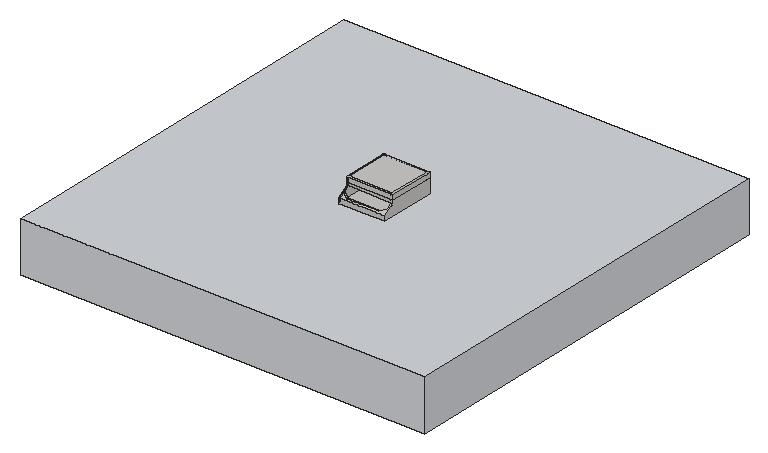
Revit family
Parameters (values of type "B-4262")
  URL = "www.bobrick.com"
  Type Comments = "Satin Finish"
  Product Page URL = ""
  Model = "B-4262"
  Manufacturer = "Bobrick Washroom Equipment, Inc."
  Finish Material = Stainless Steel - Bobrick - Satin
  Description = "Surface Mounted Paper Towel Dispenser"
  Default Elevation = 5' - 6"
  Assembly Code = "C1030210"
  ADA Compliant = yes
Reference planes (in)
  plane 1 "Center (Front/Back)": y = 0
  plane 2: z = 0
  plane 3 "Center (Left/Right)": x = 0
  plane 4: x = -5.40625
  plane 5 "Top": y = 6.625
  plane 6: x = 5.40625
  plane 7: y = -6.625
  plane 8: x = -3.78125
  plane 9: x = 3.78125
  plane 10: y = 3.625
  plane 11: y = -4.375
  plane 12: z = 0.125
  plane 13: z = 3.5
  plane 14: z = 4.8125
  plane 15: z = 2.78125
  plane 16: z = 1.1875
  plane 17: x = -5.28125
  plane 18: x = 5.28125
  plane 19: y = 6.5
  plane 20: z = 0.25
  plane 21: z = 4.5625
  plane 22: x = -5.15625
  plane 23: y = -4.125
  plane 24: x = 5.15625
  plane 25: y = 6.375
  plane 26: x = -5.15625
  plane 27: z = 4.6875
  plane 28: z = 2.625
  plane 29: y = 6.8125
  plane 30: z = 2.01236
Forms (in)
  Extrusion 1, solid
    sketch origin (0, 0, 0) x (1, 0, 0) y (0, 1, 0)
      loop
        line (-48, 48) -> (-48, -48) -> (48, -48) -> (48, 48) -> (-48, 48)
    from 0 to -12
  Extrusion 2, solid, material "Stainless Steel - Bobrick - Satin" <- "Finish Material"
    sketch origin (-5.40625, 19.38716, 48) x (0, 1, 0) y (0, 0, 1)
      loop
        line (-12.76216, -47.875) -> (-12.76216, -44.5) -> (-23.76216, -44.5) -> (-23.76216, -45.21875) -> (-26.01216, -46.8125) -> (-26.01216, -47.875) -> (-12.76216, -47.875)
    from 0 to 0.125
  Extrusion 3, solid, material "Stainless Steel - Bobrick - Satin" <- "Finish Material"
    sketch origin (5.40625, 19.38716, 48) x (0, 1, 0) y (0, 0, -1)
      loop
        line (-12.76216, 47.875) -> (-26.01216, 47.875) -> (-26.01216, 46.8125) -> (-23.76216, 45.21875) -> (-23.76216, 44.5) -> (-12.76216, 44.5) -> (-12.76216, 47.875)
    from 0 to 0.125
  Extrusion 4, solid, material "Stainless Steel - Bobrick - Satin" <- "Finish Material"
    sketch origin (-19.32465, 6.625, 48) x (-1, 0, 0) y (0, 0, 1)
      loop
        line (-13.9184, -47.875) -> (-13.9184, -44.5) -> (-24.7309, -44.5) -> (-24.7309, -47.875) -> (-13.9184, -47.875)
    from 0 to -0.125
  Extrusion 5, solid, material "Stainless Steel - Bobrick - Satin" <- "Finish Material"
    sketch origin (0, 0, 0) x (0, 1, 0) y (0, 0, 1)
      loop
        line (-4.375, 2.78125) -> (-6.625, 1.1875) -> (-6.625, 0.125) -> (-6.5, 0.125) -> (-6.5, 1.12286) -> (-4.25, 2.71661) -> (-4.25, 3.5) -> (-4.375, 3.5) -> (-4.375, 2.78125)
    from -5.40625 to 5.40625
  Extrusion 6, solid, material "Stainless Steel - Bobrick - Satin" <- "Finish Material"
    sketch origin (0, 0, 0) x (1, 0, 0) y (0, 1, 0)
      loop
        line (-5.40625, 6.625) -> (-5.40625, -6.625) -> (5.40625, -6.625) -> (5.40625, 6.625) -> (-5.40625, 6.625)
    from 0 to 0.25
  Sweep 7, solid, material "Stainless Steel - Bobrick - Satin" <- "Finish Material"
    path origin (0, 17.76955, 3.5) x (0, 1, 0) y (-1, 0, 0)
      loop
        line (-22.14455, 5.40625) -> (-22.14455, -5.40625) -> (-11.14455, -5.40625) -> (-11.14455, 5.40625) -> (-22.14455, 5.40625)
    profile origin (-5.40625, 1.125, 3.5) x (1, 0, 0) y (0, 0, 1)
      loop
        line (0, 1.0625) -> (0, 0) -> (0.125, 0) -> (0.125, 1.0625)
        arc (0.125, 1.0625) -> (0.16161, 1.15089) -> (0.25, 1.1875) r 0.125
        line (0.25, 1.1875) -> (0.25, 1.3125)
        arc (0.25, 1.3125) -> (0.07322, 1.23928) -> (0, 1.0625) r 0.25
  Extrusion 8, solid, material "Stainless Steel - Bobrick - Satin" <- "Finish Material"
    sketch origin (0, 0, 0) x (1, 0, 0) y (0, 1, 0)
      loop
        line (-5.15625, 6.375) -> (-5.15625, -4.125) -> (5.15625, -4.125) -> (5.15625, 6.375) -> (-5.15625, 6.375)
    from 4.6875 to 4.8125
  Extrusion 9, solid, material "Stainless Steel - Bobrick - Satin" <- "Finish Material", detail levels fine
    sketch origin (0, 0, 0) x (1, 0, 0) y (0, 0, 1)
      loop
        circle (0, 2.625) r 0.4375
    from -6.8125 to -6.625
  Extrusion 10, void
    sketch origin (0, 0, 0) x (-1, 0, 0) y (0, 0, 1)
      loop
        line (5.15625, 2.9375) -> (-5.15625, 2.9375) -> (-5.15625, 2.01236) -> (-3.78125, 1.4375) -> (3.78125, 1.4375) -> (5.15625, 2.01236) -> (5.15625, 2.9375)
    from -6.625 to -4.125
Cuts and joins
  Extrusion 10 cuts Extrusion 2
  Extrusion 10 cuts Extrusion 3
  Extrusion 10 cuts Extrusion 4
  Extrusion 10 cuts Extrusion 5
  Extrusion 10 cuts Extrusion 6
  joined: Extrusion 2, Extrusion 3, Extrusion 4, Extrusion 5, Extrusion 6
  joined: Sweep 7, Extrusion 8
  Extrusion 10 cuts Extrusion 9
Lines and regions (in)
  Masking region 1
    outline origin (0, 0, 0) x (1, 0, 0) y (0, 0, 1)
      loop
        line (5.40625, 0) -> (5.40625, 4.6875)
        arc (5.40625, 4.6875) -> (5.36964, 4.77589) -> (5.28125, 4.8125) r 0.125
        line (5.28125, 4.8125) -> (-5.28125, 4.8125)
        arc (-5.28125, 4.8125) -> (-5.36964, 4.77589) -> (-5.40625, 4.6875) r 0.125
        line (-5.40625, 4.6875) -> (-5.40625, 0) -> (5.40625, 0)
  Masking region 2
    outline origin (0.64441, 0, 2.625) x (1, 0, 0) y (0, 1, 0)
      loop
        line (-6.05066, 6.625) -> (-6.05066, -6.625) -> (4.76184, -6.625) -> (4.76184, 6.625) -> (-6.05066, 6.625)
  Masking region 3, detail levels fine
    outline origin (0.64441, 0, 2.625) x (1, 0, 0) y (0, 1, 0)
      loop
        line (-1.08191, 6.8125) -> (-1.08191, 6.625) -> (-0.20691, 6.625) -> (-0.20691, 6.8125) -> (-1.08191, 6.8125)
  Masking region 4
    outline origin (0, 0, 0) x (0, 1, 0) y (0, 0, 1)
      loop
        line (-6.625, 0) -> (6.625, 0) -> (6.625, 4.5625)
        arc (6.625, 4.5625) -> (6.55178, 4.73928) -> (6.375, 4.8125) r 0.25
        line (6.375, 4.8125) -> (-4.125, 4.8125)
        arc (-4.125, 4.8125) -> (-4.30178, 4.73928) -> (-4.375, 4.5625) r 0.25
        line (-4.375, 4.5625) -> (-4.375, 2.78125) -> (-6.625, 1.1875) -> (-6.625, 0)
  Masking region 5, detail levels fine
    outline origin (0, 0, 0) x (0, 1, 0) y (0, 0, 1)
      loop
        line (6.625, 2.1875) -> (6.8125, 2.1875) -> (6.8125, 3.0625) -> (6.625, 3.0625) -> (6.625, 2.1875)
  reference lines
    curve 1: line (0, -4.375, 2.78125) -> (0, -6.625, 1.1875)
  symbolic lines, detail levels fine
    curve 2: circle (0, 0, 2.625) r 0.4375 normal (0, -1, 0)
  symbolic lines
    curve 3: line (-3.78125, -6.27206, 2.625) -> (-5.15625, -5.46049, 2.625)
    curve 4: line (3.78125, -6.27206, 2.625) -> (-3.78125, -6.27206, 2.625)
    curve 5: line (5.15625, -5.46049, 2.625) -> (3.78125, -6.27206, 2.625)
    curve 6: line (5.15625, -5.46049, 2.625) -> (5.15625, -4.59559, 2.625)
    curve 7: line (-5.15625, -4.59559, 2.625) -> (5.15625, -4.59559, 2.625)
    curve 8: line (-5.15625, -4.59559, 2.625) -> (-5.15625, -5.46049, 2.625)
    curve 9: line (-5.40625, -4.375, 2.625) -> (5.40625, -4.375, 2.625)
Dimensions and locks (in)
  locked: plane 4 to plane 6 at 10.8125
  equal spacing: plane 4, plane 3 "Center (Left/Right)", plane 6
  locked: plane 5 "Top" to plane 7 at 13.25
  equal spacing: plane 5 "Top", plane 1 "Center (Front/Back)", plane 7
  locked: plane 4 to plane 8 at 1.625
  locked: plane 9 to plane 6 at 1.625
  locked: plane 5 "Top" to plane 10 at 3
  locked: plane 10 to plane 11 at 8
  locked: plane 12 to level at 0.125
  locked: plane 13 to level at 3.5
  locked: plane 14 to plane 13 at 1.3125
  locked: plane 15 to plane 2 at 2.78125
  locked: plane 16 to plane 12 at 1.0625
  locked: plane 4 to plane 17 at 0.125
  locked: plane 18 to plane 6 at 0.125
  locked: plane 5 "Top" to plane 19 at 0.125
  locked: Extrusion 5 sketch curve to plane 11 at 0.125
  locked: Extrusion 5 sketch curve to plane 7 at 0.125
  locked: Extrusion 5 sketch curve to curve 1 at 0.125
  locked: plane 20 to plane 12 at 0.125
  locked: plane 14 to plane 21 at 0.25
  locked: plane 22 to plane 4 at 0.25
  locked: plane 5 "Top" to plane 25 at 0.25
  plane 4 to plane 8 = 0' - 1 5/8"
  plane 9 to plane 6 = 0' - 1 5/8"
  locked: plane 23 to plane 11 at 0.25
  locked: plane 4 to plane 26 at 0.25
  locked: plane 24 to plane 6 at 0.25
  locked: plane 14 to plane 27 at 0.125
  locked: plane 12 to plane 28 at 2.5
  locked: plane 3 "Center (Left/Right)" to Extrusion 9 sketch curve at 0
  locked: plane 28 to Extrusion 9 sketch curve at 0
  locked: plane 3 "Center (Left/Right)" to Extrusion 9 sketch curve at 0.4375
  locked: plane 29 to plane 5 "Top" at 0.1875
  locked: Extrusion 10 sketch curve to plane 15 at 0.15625
  locked: Extrusion 10 sketch curve to plane 16 at 0.25
  locked: plane 15 to plane 30 at 0.76889
  locked: plane 18 to Masking region 1 sketch curve
  locked: plane 27 to Masking region 1 sketch curve at 0  (x2)
  locked: plane 17 to Masking region 1 sketch curve at 0
  locked: plane 3 "Center (Left/Right)" to curve 2 at 0
  locked: plane 28 to curve 2 at 0
  Masking region 3 sketch curve to plane 3 "Center (Left/Right)" to Masking region 3 sketch curve = 0' - 0 7/16" locked, 0' - 0 7/16" locked
  locked: plane 25 to Masking region 4 sketch curve at 0
  locked: plane 27 to Masking region 4 sketch curve at 0.125  (x2)
  locked: plane 23 to Masking region 4 sketch curve at 0
  Masking region 5 sketch curve to plane 28 to Masking region 5 sketch curve = 0' - 0 7/16" locked, 0' - 0 7/16" locked
  aligned and locked: plane 2 to Extrusion 1
  aligned and locked: level to Extrusion 1
  aligned and locked: plane 5 "Top" to Extrusion 2 sketch curve
  aligned and locked: plane 13 to Extrusion 2 sketch curve
  aligned and locked: plane 11 to Extrusion 2 sketch curve
  aligned and locked: plane 7 to Extrusion 2 sketch curve
  aligned and locked: plane 12 to Extrusion 2 sketch curve
  aligned and locked: Extrusion 2 to plane 4
  aligned and locked: plane 17 to Extrusion 2
  aligned and locked: plane 18 to Extrusion 3
  aligned and locked: plane 6 to Extrusion 3
  aligned and locked: Extrusion 3 to plane 18
  aligned and locked: Extrusion 4 sketch curve to plane 12
  aligned and locked: Extrusion 4 sketch curve to plane 13
  aligned and locked: Extrusion 4 sketch curve to plane 6
  aligned and locked: Extrusion 4 sketch curve to plane 4
  aligned and locked: plane 19 to Extrusion 4
  aligned and locked: plane 5 "Top" to Extrusion 4
  aligned and locked: plane 11 to Extrusion 5 sketch curve
  aligned and locked: plane 7 to Extrusion 5 sketch curve
  aligned and locked: plane 12 to Extrusion 5 sketch curve
  aligned and locked: plane 13 to Extrusion 5 sketch curve
  aligned and locked: plane 7 to curve 1
  aligned and locked: plane 16 to curve 1
  aligned and locked: plane 15 to curve 1
  aligned and locked: plane 11 to curve 1
  aligned and locked: Extrusion 5 sketch curve to curve 1
  aligned and locked: Extrusion 5 to plane 4
  aligned and locked: plane 6 to Extrusion 5
  aligned and locked: Extrusion 6 sketch curve to plane 4
  aligned and locked: Extrusion 6 sketch curve to plane 5 "Top"
  aligned and locked: Extrusion 6 sketch curve to plane 6
  aligned and locked: Extrusion 6 sketch curve to plane 7
  aligned: Extrusion 6 to plane 12  (x2)
  aligned: Extrusion 6 to plane 2
  aligned: plane 12 to Extrusion 6
  aligned and locked: plane 20 to Extrusion 6
  aligned and locked: Sweep 7 sketch curve to plane 11
  aligned and locked: Sweep 7 sketch curve to plane 4  (x2)
  aligned and locked: Sweep 7 sketch curve to plane 6
  aligned and locked: Sweep 7 sketch curve to plane 5 "Top"
  aligned and locked: Sweep 7 sketch curve to plane 17
  aligned and locked: Sweep 7 sketch curve to plane 13
  aligned and locked: plane 26 to Extrusion 8 sketch curve
  aligned and locked: Extrusion 8 sketch curve to plane 25
  aligned and locked: Extrusion 8 sketch curve to plane 24
  aligned and locked: Extrusion 8 sketch curve to plane 23
  aligned and locked: Extrusion 8 to plane 27
  aligned and locked: plane 14 to Extrusion 8
  aligned and locked: Extrusion 9 to plane 5 "Top"
  aligned and locked: plane 29 to Extrusion 9
  aligned and locked: cut or joined group of Extrusion 2, Extrusion 3, Extrusion 4, Extrusion 5, Extrusion 6, Extrusion 10 to plane 2
  aligned and locked: plane 26 to Extrusion 10 sketch curve
  aligned and locked: Extrusion 10 sketch curve to plane 24
  aligned and locked: Extrusion 10 sketch curve to plane 30
  aligned and locked: plane 30 to Extrusion 10 sketch curve
  aligned and locked: Extrusion 10 to plane 7
  aligned and locked: plane 23 to Extrusion 10
  aligned and locked: plane 6 to Masking region 1 sketch curve
  aligned and locked: plane 14 to Masking region 1 sketch curve
  aligned and locked: plane 2 to Masking region 1 sketch curve
  aligned and locked: plane 4 to Masking region 1 sketch curve
  aligned and locked: Masking region 2 sketch curve to plane 4
  aligned and locked: Masking region 2 sketch curve to plane 5 "Top"
  aligned and locked: Masking region 2 sketch curve to plane 7
  aligned and locked: Masking region 2 sketch curve to plane 6
  aligned and locked: Masking region 3 sketch curve to plane 29
  aligned and locked: Masking region 3 sketch curve to plane 5 "Top"
  aligned and locked: plane 26 to curve 8
  aligned and locked: curve 9 to plane 11
  aligned and locked: plane 4 to curve 9
  aligned and locked: plane 6 to curve 9
  aligned and locked: plane 7 to Masking region 4 sketch curve
  aligned and locked: Masking region 4 sketch curve to curve 1
  aligned and locked: plane 11 to Masking region 4 sketch curve
  aligned and locked: plane 14 to Masking region 4 sketch curve
  aligned and locked: plane 5 "Top" to Masking region 4 sketch curve
  aligned and locked: plane 2 to Masking region 4 sketch curve
  aligned and locked: plane 5 "Top" to Masking region 5 sketch curve
  aligned and locked: plane 29 to Masking region 5 sketch curve
  aligned and locked: plane 15 to Extrusion 2 sketch curve
  aligned and locked: plane 16 to Extrusion 2 sketch curve
  aligned and locked: plane 13 to Extrusion 3 sketch curve
  aligned and locked: plane 5 "Top" to Extrusion 3 sketch curve
  aligned and locked: plane 12 to Extrusion 3 sketch curve
  aligned and locked: plane 7 to Extrusion 3 sketch curve  (x2)
  aligned and locked: plane 16 to Extrusion 3 sketch curve
  aligned and locked: plane 11 to Extrusion 3 sketch curve
  aligned and locked: plane 15 to Extrusion 3 sketch curve
Automatic sketch dimensions
  Extrusion 1 sketch curve to Extrusion 1 sketch curve = 8' - 0"  (x2)
  Sweep 7 sketch curve to Sweep 7 sketch curve = 0' - 0"  (x2)
  Sweep 7 sketch curve to plane 22 = 0' - 0"  (x2)
  Sweep 7 sketch curve to plane 21 = 0' - 0"
  Extrusion 10 sketch curve to plane 9 = 0' - 0"
  Extrusion 10 sketch curve to plane 8 = 0' - 0"
  Masking region 1 sketch curve to Masking region 1 sketch curve = 0' - 0 1/8"
  curve 4 to plane 8 = 0' - 0"
  curve 5 to plane 9 = 0' - 0"
  curve 5 to plane 24 = 0' - 0"
  curve 6 to plane 11 = 0' - 0.22059"
  curve 8 to curve 7 = 0' - 0.8649"
  curve 6 to curve 6 = 0' - 0.8649"
  plane 7 to curve 3 = 0' - 0.35294"
  radius of curve 2 = 0' - 0 7/16"
